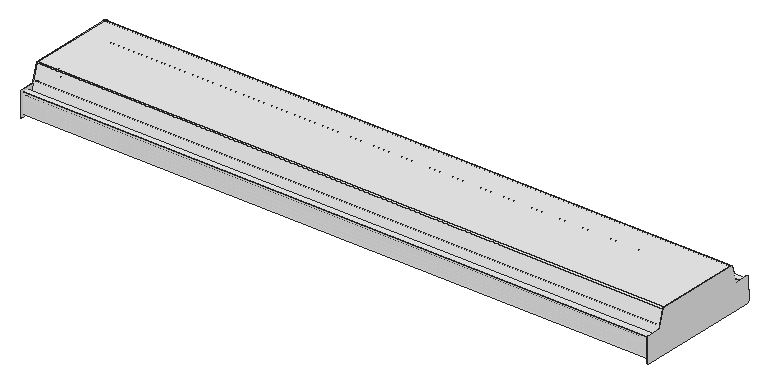
Revit family "LMNE-VL", category Lighting Fixtures, host Ceiling, Revit 2019
Family settings
  Host = Ceiling
  Round Connector Dimension = Use Diameter
  Part Type = Normal
  OmniClass Number = 23.80.70.11.14
  OmniClass Title = General Luminaries, Directional
  Always vertical = Yes
  Cut with Voids When Loaded = No
  Light Source = Yes
  Shared = No
  Room Calculation Point = No
Parameters (values of type "LMNE-VL48-LED840K052LUNV")
  Width = 0' - 9 1/4"
  Wattage = 42 W
  built-in parameter 1150110 = 1 (stored number, unit not read)
  Voltage = 120 V
  URL = "https://www.viscor.com/en/products/lmne-vl"
  built-in parameter 1114217 = 0.9 (stored number, unit not read)
  Tilt Angle = 90.00°
  built-in parameter 1150109 = 1 (stored number, unit not read)
  built-in parameter 1150134 = 12
  built-in parameter 1150113 = 1 (stored number, unit not read)
  Photometric Web File = "LMNE-VL48-LED840K052LUNV-G001919.IES"
  Model = "LMNE"  # constant formula
  Manufacturer = "VISIONEERING by VISCOR"  # constant formula
  Lumens = 5334 lm
  built-in parameter 1150115 = 1 (stored number, unit not read)
  built-in parameter 1150105 = 424.47 (stored number, unit not read)
  built-in parameter 1150137 = (empty or 0)
  built-in parameter 1150139 = (empty or 0)
  Lens Finish = Polycarbonate - Viscor - Frosted Round
  Length = 3' - 10 1/8"
  Lamp Wattage = 42 VA
  built-in parameter 1150112 = 1 (stored number, unit not read)
  built-in parameter 1150114 = 1 (stored number, unit not read)
  Lamp = "LED"  # constant formula
  built-in parameter 1150132 = (empty or 0)
  built-in parameter 1150102 = (empty or 0)
  built-in parameter 1150138 = (empty or 0)
  built-in parameter 1150107 = 4000 (stored number, unit not read)
  built-in parameter 1150106 = 4.2447 (stored number, unit not read)
  Housing Finish = Metal - Viscor - White
  Emit from Line Length = Length  # 3' - 10 1/8"
  built-in parameter 1150104 = 11.799 (stored number, unit not read)
  Dimming Lamp Color Temperature Shift = <None>
  Description = "LED Magic Neutron VL"  # constant formula
  Color Filter = 16777215
  built-in parameter 1114218 = 1 (stored number, unit not read)
  built-in parameter 1150133 = 10 (stored number, unit not read)
  Assembly Code = "D5020200"
  Apparent Load = Lamp Wattage  # 42 VA
Types (7): name | Wattage | Photometric Web File | Lumens | built-in parameter 1150105 | Length | Lamp Wattage | built-in parameter 1150106 | Emit from Line Length | built-in parameter 1150104 | Apparent Load
  (no name) | 42 W | "LMNE-VL48-LED840K052LUNV-G001919.IES" | 5334 lm | 424.47 (stored number, unit not read) | 3' - 10 1/8" | 42 VA | 4.2447 (stored number, unit not read) | 3' - 10 1/8" | 11.799 (stored number, unit not read) | 42 VA
  LMNE-VL24-LED840K028LUNV | 20 W | "LMNE-VL24-LED840K028LUNV.IES" | 2760 lm | 219.63 (stored number, unit not read) | 1' - 11 3/8" | 20 VA | 2.1963 (stored number, unit not read) | 1' - 11 3/8" | 12.821 (stored number, unit not read) | 20 VA
  LMNE-VL48-LED840K028LUNV | 20 W | "LMNE-VL48-LED840K028LUNV-G001930.IES" | 2760 lm | 219.63 (stored number, unit not read) | 3' - 10 1/8" | 20 VA | 2.1963 (stored number, unit not read) | 3' - 10 1/8" | 12.821 (stored number, unit not read) | 20 VA
  LMNE-VL24-LED840K037LUNV | 28 W | "LMNE-VL24-LED840K037LUNV.IES" | 3752 lm | 298.57 (stored number, unit not read) | 1' - 11 3/8" | 28 VA | 2.9857 (stored number, unit not read) | 1' - 11 3/8" | 12.449 (stored number, unit not read) | 28 VA
  LMNE-VL48-LED840K037LUNV | 28 W | "LMNE-VL48-LED840K037LUNV-G001916.IES" | 3752 lm | 298.57 (stored number, unit not read) | 3' - 10 1/8" | 28 VA | 2.9857 (stored number, unit not read) | 3' - 10 1/8" | 12.449 (stored number, unit not read) | 28 VA
  LMNE-VL48-LED840K045LUNV | 33 W | "LMNE-VL48-LED840K045LUNV-G001920.IES" | 4620 lm | 367.65 (stored number, unit not read) | 3' - 10 1/8" | 33 VA | 3.6765 (stored number, unit not read) | 3' - 10 1/8" | 13.006 (stored number, unit not read) | 33 VA
  LMNE-VL48-LED840K052LUNV | 42 W | "LMNE-VL48-LED840K052LUNV-G001919.IES" | 5334 lm | 424.47 (stored number, unit not read) | 3' - 10 1/8" | 42 VA | 4.2447 (stored number, unit not read) | 3' - 10 1/8" | 11.799 (stored number, unit not read) | 42 VA
Reference planes (in)
  plane 1 "Light Source Axis (F/B)": y = 0
  plane 2 "Ceiling": z = 96
  plane 3 "Light Source Axis (L/R)": x = 0
  plane 4 "Light Source Elevation": z = 92.75
  plane 5: y = 4.625
  plane 6: y = -4.625
  plane 7: x = -23.0625
  plane 8: x = 23.0625
  plane 9: x = -23.03125
  plane 10: x = 23.03125
  plane 11: x = -22.96875
  plane 12: x = 22.96875
Forms (in)
  Extrusion 1, solid, material "Metal - Viscor - White" <- "Housing Finish"
    sketch origin (0, 0, 0) x (0, 1, 0) y (0, 0, 1)
      loop
        arc (-3.09236, 95.875) -> (-3.134, 95.86127) -> (-3.1593, 95.82547) r 0.07
        line (-3.1593, 95.82547) -> (-3.67075, 94.1526)
        arc (-3.67075, 94.1526) -> (-3.68485, 94.13265) -> (-3.70805, 94.125) r 0.039
        line (-3.70805, 94.125) -> (-4.13882, 94.125)
        arc (-4.13882, 94.125) -> (-4.16202, 94.13265) -> (-4.17611, 94.1526) r 0.039
        line (-4.17611, 94.1526) -> (-4.2516, 94.39952) -> (-4.28149, 94.39038) -> (-4.206, 94.14346)
        arc (-4.206, 94.14346) -> (-4.1806, 94.10753) -> (-4.13882, 94.09375) r 0.07025
        line (-4.13882, 94.09375) -> (-3.70805, 94.09375)
        arc (-3.70805, 94.09375) -> (-3.66626, 94.10753) -> (-3.64087, 94.14346) r 0.07025
        line (-3.64087, 94.14346) -> (-3.12942, 95.81633)
        arc (-3.12942, 95.81633) -> (-3.11541, 95.83615) -> (-3.09236, 95.84375) r 0.03875
        line (-3.09236, 95.84375) -> (3.09236, 95.84375)
        arc (3.09236, 95.84375) -> (3.11541, 95.83615) -> (3.12942, 95.81633) r 0.03875
        line (3.12942, 95.81633) -> (3.64087, 94.14346)
        arc (3.64087, 94.14346) -> (3.66626, 94.10753) -> (3.70805, 94.09375) r 0.07025
        line (3.70805, 94.09375) -> (4.13882, 94.09375)
        arc (4.13882, 94.09375) -> (4.1806, 94.10753) -> (4.206, 94.14346) r 0.07025
        line (4.206, 94.14346) -> (4.28149, 94.39038) -> (4.2516, 94.39952) -> (4.17611, 94.1526)
        arc (4.17611, 94.1526) -> (4.16202, 94.13265) -> (4.13882, 94.125) r 0.039
        line (4.13882, 94.125) -> (3.70805, 94.125)
        arc (3.70805, 94.125) -> (3.68485, 94.13265) -> (3.67075, 94.1526) r 0.039
        line (3.67075, 94.1526) -> (3.1593, 95.82547)
        arc (3.1593, 95.82547) -> (3.134, 95.86127) -> (3.09236, 95.875) r 0.07
        line (3.09236, 95.875) -> (-3.09236, 95.875)
    from -23.03125 to 23.03125
  Extrusion 2, solid, material "Metal - Viscor - White" <- "Housing Finish"
    sketch origin (0, 0, 0) x (0, 1, 0) y (0, 0, 1)
      loop
        line (4.62552, 92.92225) -> (4.62552, 94.48475)
        arc (4.62552, 94.48475) -> (4.58891, 94.57314) -> (4.50052, 94.60975) r 0.125
        line (4.50052, 94.60975) -> (3.49603, 94.60975) -> (3.46895, 94.69831)
        arc (3.46895, 94.69831) -> (3.47245, 94.71664) -> (3.48954, 94.72411) r 0.02
        line (3.48954, 94.72411) -> (3.1485, 95.83962)
        arc (3.1485, 95.83962) -> (3.13042, 95.86519) -> (3.10068, 95.875) r 0.05
        line (3.10068, 95.875) -> (-3.10014, 95.875)
        arc (-3.10014, 95.875) -> (-3.12988, 95.86519) -> (-3.14795, 95.83962) r 0.05
        line (-3.14795, 95.83962) -> (-3.489, 94.72411)
        arc (-3.489, 94.72411) -> (-3.4719, 94.71664) -> (-3.46841, 94.69831) r 0.02
        line (-3.46841, 94.69831) -> (-3.49548, 94.60975) -> (-4.49998, 94.60975)
        arc (-4.49998, 94.60975) -> (-4.58837, 94.57314) -> (-4.62525, 94.48475) r 0.125
        line (-4.62525, 94.48475) -> (-4.62498, 92.92225)
        arc (-4.62498, 92.92225) -> (-4.58837, 92.83387) -> (-4.49998, 92.79725) r 0.125
        line (-4.49998, 92.79725) -> (4.50052, 92.79725)
        arc (4.50052, 92.79725) -> (4.58891, 92.83387) -> (4.62552, 92.92225) r 0.125
    from 23.03125 to 23.0625
  Extrusion 3, solid, material "Metal - Viscor - White" <- "Housing Finish"
    sketch origin (0, 0, 0) x (0, 1, 0) y (0, 0, -1)
      loop
        arc (4.62552, -92.92225) -> (4.58891, -92.83387) -> (4.50052, -92.79725) r 0.125
        line (4.50052, -92.79725) -> (-4.49998, -92.79725)
        arc (-4.49998, -92.79725) -> (-4.58837, -92.83387) -> (-4.62498, -92.92225) r 0.125
        line (-4.62498, -92.92225) -> (-4.62525, -94.48475)
        arc (-4.62525, -94.48475) -> (-4.58837, -94.57314) -> (-4.49998, -94.60975) r 0.125
        line (-4.49998, -94.60975) -> (-3.49548, -94.60975) -> (-3.46841, -94.69831)
        arc (-3.46841, -94.69831) -> (-3.4719, -94.71664) -> (-3.489, -94.72411) r 0.02
        line (-3.489, -94.72411) -> (-3.14795, -95.83962)
        arc (-3.14795, -95.83962) -> (-3.12988, -95.86519) -> (-3.10014, -95.875) r 0.05
        line (-3.10014, -95.875) -> (3.10068, -95.875)
        arc (3.10068, -95.875) -> (3.13042, -95.86519) -> (3.1485, -95.83962) r 0.05
        line (3.1485, -95.83962) -> (3.48954, -94.72411)
        arc (3.48954, -94.72411) -> (3.47245, -94.71664) -> (3.46895, -94.69831) r 0.02
        line (3.46895, -94.69831) -> (3.49603, -94.60975) -> (4.50052, -94.60975)
        arc (4.50052, -94.60975) -> (4.58891, -94.57314) -> (4.62552, -94.48475) r 0.125
        line (4.62552, -94.48475) -> (4.62552, -92.92225)
    from 23.03125 to 23.0625
  Extrusion 4, solid, material "Metal - Viscor - White" <- "Housing Finish"
    sketch origin (0, 0, 0) x (0, 1, 0) y (0, 0, 1)
      loop
        line (3.35492, 94.77604) -> (3.12193, 95.53814) -> (3.09204, 95.529) -> (3.32504, 94.76691)
        arc (3.32504, 94.76691) -> (3.32066, 94.7414) -> (3.29754, 94.72975) r 0.02875
        line (3.29754, 94.72975) -> (1.4194, 94.72975)
        arc (1.4194, 94.72975) -> (1.37761, 94.71597) -> (1.35222, 94.68004) r 0.07025
        line (1.35222, 94.68004) -> (1.17262, 94.09259)
        arc (1.17262, 94.09259) -> (1.16222, 94.07789) -> (1.14512, 94.07225) r 0.02875
        line (1.14512, 94.07225) -> (-1.14512, 94.07225)
        arc (-1.14512, 94.07225) -> (-1.16222, 94.07789) -> (-1.17262, 94.09259) r 0.02875
        line (-1.17262, 94.09259) -> (-1.35222, 94.68004)
        arc (-1.35222, 94.68004) -> (-1.37761, 94.71597) -> (-1.4194, 94.72975) r 0.07025
        line (-1.4194, 94.72975) -> (-3.29754, 94.72975)
        arc (-3.29754, 94.72975) -> (-3.32066, 94.7414) -> (-3.32504, 94.7669) r 0.02875
        line (-3.32504, 94.7669) -> (-3.09204, 95.529) -> (-3.12193, 95.53814) -> (-3.35492, 94.77604)
        arc (-3.35492, 94.77604) -> (-3.34578, 94.72281) -> (-3.29754, 94.6985) r 0.06
        line (-3.29754, 94.6985) -> (-1.4194, 94.6985)
        arc (-1.4194, 94.6985) -> (-1.3962, 94.69085) -> (-1.3821, 94.6709) r 0.039
        line (-1.3821, 94.6709) -> (-1.2025, 94.08346)
        arc (-1.2025, 94.08346) -> (-1.18081, 94.05277) -> (-1.14512, 94.041) r 0.06
        line (-1.14512, 94.041) -> (1.14512, 94.041)
        arc (1.14512, 94.041) -> (1.18081, 94.05277) -> (1.2025, 94.08346) r 0.06
        line (1.2025, 94.08346) -> (1.3821, 94.6709)
        arc (1.3821, 94.6709) -> (1.3962, 94.69085) -> (1.4194, 94.6985) r 0.039
        line (1.4194, 94.6985) -> (3.29754, 94.6985)
        arc (3.29754, 94.6985) -> (3.34578, 94.72281) -> (3.35492, 94.77604) r 0.06
    from -22.96875 to 22.96875
  Extrusion 5, solid, material "Polycarbonate - Viscor - Frosted Round" <- "Lens Finish"
    sketch origin (0, 0, 0) x (0, 1, 0) y (0, 0, 1)
      loop
        line (4.02375, 94.4144) -> (4.39375, 94.4144) -> (4.39375, 94.2894) -> (4.43375, 94.1994) -> (4.39375, 94.1994) -> (4.43375, 94.1094) -> (4.39375, 94.1094) -> (4.43375, 94.0194) -> (4.39375, 94.0194) -> (4.43375, 93.9294) -> (4.39375, 93.9294) -> (4.43375, 93.8394) -> (4.39375, 93.8394) -> (4.43375, 93.7494) -> (4.39375, 93.7494) -> (4.43375, 93.6594) -> (4.39375, 93.6594) -> (4.43375, 93.5694) -> (4.39375, 93.5694) -> (4.43375, 93.4794) -> (4.39375, 93.4794) -> (4.43375, 93.3894) -> (4.39375, 93.3894) -> (4.43375, 93.2994) -> (4.39375, 93.2994) -> (4.43375, 93.2094) -> (4.39375, 93.2094) -> (4.43375, 93.1194) -> (4.39375, 93.1194) -> (4.39375, 93.0794) -> (-4.39375, 93.0794) -> (-4.39375, 93.1194) -> (-4.43375, 93.1194) -> (-4.39375, 93.2094) -> (-4.43375, 93.2094) -> (-4.39375, 93.2994) -> (-4.43375, 93.2994) -> (-4.39375, 93.3894) -> (-4.43375, 93.3894) -> (-4.39375, 93.4794) -> (-4.43375, 93.4794) -> (-4.39375, 93.5694) -> (-4.43375, 93.5694) -> (-4.39375, 93.6594) -> (-4.43375, 93.6594) -> (-4.39375, 93.7494) -> (-4.43375, 93.7494) -> (-4.39375, 93.8394) -> (-4.43375, 93.8394) -> (-4.39375, 93.9294) -> (-4.43375, 93.9294) -> (-4.39375, 94.0194) -> (-4.43375, 94.0194) -> (-4.39375, 94.1094) -> (-4.43375, 94.1094) -> (-4.39375, 94.1994) -> (-4.43375, 94.1994) -> (-4.39375, 94.2894) -> (-4.39375, 94.4144) -> (-4.02375, 94.4144) -> (-4.02375, 94.2394) -> (-3.96875, 94.2394) -> (-3.96875, 94.4894) -> (-4.46875, 94.4894) -> (-4.46875, 92.9894) -> (4.46875, 92.9894) -> (4.46875, 94.4894) -> (3.96875, 94.4894) -> (3.96875, 94.2394) -> (4.02375, 94.2394) -> (4.02375, 94.4144)
    from -23.03125 to 23.03125
Dimensions and locks (in)
  equal spacing: host sketch curve, plane 3 "Light Source Axis (L/R)", host sketch curve
  equal spacing: host sketch curve, plane 1 "Light Source Axis (F/B)", host sketch curve
  host sketch curve to host sketch curve = 10' - 0"  (x2)
  equal spacing: plane 5, plane 1 "Light Source Axis (F/B)", plane 6
  "Width": plane 5 to plane 6
  equal spacing: plane 7, plane 3 "Light Source Axis (L/R)", plane 8
  "Length": plane 7 to plane 8
  plane 7 to plane 9 to plane 3 "Light Source Axis (L/R)" = 0' - 0 1/32" locked, 1' - 11 1/32"
  locked: plane 10 to plane 8 at 0.03125
  locked: plane 7 to plane 11 at 0.09375
  locked: plane 12 to plane 8 at 0.09375
  aligned and locked: plane 3 "Light Source Axis (L/R)" to imposter light
  aligned and locked: plane 1 "Light Source Axis (F/B)" to imposter light
  aligned and locked: plane 4 "Light Source Elevation" to imposter light
  aligned and locked: Extrusion 1 to plane 9
  aligned and locked: plane 10 to Extrusion 1
  aligned and locked: plane 8 to Extrusion 2
  aligned and locked: Extrusion 2 to plane 10
  aligned and locked: Extrusion 3 to plane 7
  aligned and locked: plane 9 to Extrusion 3
  aligned and locked: Extrusion 4 to plane 11
  aligned and locked: plane 12 to Extrusion 4
  aligned and locked: Extrusion 5 to plane 9
  aligned and locked: plane 10 to Extrusion 5
Automatic sketch dimensions
  Extrusion 1 sketch curve to Extrusion 1 sketch curve = 0' - 0"  (x12)
  plane 6 to Extrusion 1 sketch curve = 0' - 0.34351"
  Extrusion 1 sketch curve to Extrusion 1 sketch curve = 0' - 0.02988"  (x7)
  Extrusion 1 sketch curve to Extrusion 1 sketch curve = 0' - 0.07549"  (x2)
  Extrusion 1 sketch curve to Extrusion 1 sketch curve = 0' - 0.0373"  (x4)
  Extrusion 1 sketch curve to Extrusion 1 sketch curve = 0' - 0.43077"  (x2)
  Extrusion 1 sketch curve to plane 2 "Ceiling" = 0' - 0.17453"  (x2)
  plane 6 to Extrusion 1 sketch curve = 0' - 1.4657"
  Extrusion 1 sketch curve to plane 2 "Ceiling" = 0' - 0.18367"  (x2)
  Extrusion 1 sketch curve to Extrusion 1 sketch curve = 0' - 0.03706"  (x2)
  Extrusion 1 sketch curve to plane 2 "Ceiling" = 0' - 0.195"
  Extrusion 1 sketch curve to plane 5 = 0' - 1.53264"
  Extrusion 1 sketch curve to plane 5 = 0' - 0.98413"
  Extrusion 1 sketch curve to plane 2 "Ceiling" = 0' - 1.60048"  (x2)
  Extrusion 1 sketch curve to Extrusion 1 sketch curve = 0' - 0.00914"  (x2)
  Extrusion 1 sketch curve to Extrusion 1 sketch curve = 0' - 0.0114"  (x3)
  Extrusion 1 sketch curve to Extrusion 1 sketch curve = 0' - 0.039"
  plane 6 to Extrusion 2 sketch curve = 0' - 0.12502"  (x2)
  Extrusion 2 sketch curve to Extrusion 2 sketch curve = 0' - 1.0045"
  Extrusion 2 sketch curve to Extrusion 2 sketch curve = 0' - 0.00648"
  Extrusion 2 sketch curve to Extrusion 2 sketch curve = 0' - 0.00146"  (x2)
  Extrusion 2 sketch curve to Extrusion 2 sketch curve = 0' - 0.01913"  (x2)
  Extrusion 2 sketch curve to plane 2 "Ceiling" = 0' - 0.16038"  (x2)
  Extrusion 2 sketch curve to Extrusion 2 sketch curve = 0' - 0.34105"
  Extrusion 2 sketch curve to Extrusion 2 sketch curve = 0' - 0.04782"  (x2)
  Extrusion 2 sketch curve to plane 2 "Ceiling" = 0' - 0 1/8"
  Extrusion 2 sketch curve to plane 5 = 0' - 1.52432"
  Extrusion 2 sketch curve to plane 5 = 0' - 1.15605"
  Extrusion 2 sketch curve to Extrusion 2 sketch curve = 0' - 0.02708"
  Extrusion 2 sketch curve to plane 5 = 0' - 0.12448"  (x2)
  Extrusion 2 sketch curve to plane 4 "Light Source Elevation" = 0' - 0.04725"
  plane 5 to Extrusion 2 sketch curve = 0' - 0.00052"
  Extrusion 2 sketch curve to Extrusion 2 sketch curve = 0' - 0 1/8"  (x2)
  Extrusion 2 sketch curve to plane 2 "Ceiling" = 0' - 1.51525"  (x2)
  Extrusion 2 sketch curve to Extrusion 2 sketch curve = 0' - 0.08856"  (x2)
  Extrusion 2 sketch curve to Extrusion 2 sketch curve = 0' - 0.00585"  (x2)
  Extrusion 2 sketch curve to plane 6 = 0' - 0.00025"
  Extrusion 2 sketch curve to Extrusion 2 sketch curve = 0' - 0"  (x2)
  plane 6 to Extrusion 3 sketch curve = 0' - 0.12502"  (x2)
  Extrusion 3 sketch curve to Extrusion 3 sketch curve = 0' - 1.0045"
  Extrusion 3 sketch curve to Extrusion 3 sketch curve = 0' - 0.00648"
  Extrusion 3 sketch curve to Extrusion 3 sketch curve = 0' - 0.00146"  (x2)
  Extrusion 3 sketch curve to Extrusion 3 sketch curve = 0' - 0.01913"  (x2)
  Extrusion 3 sketch curve to plane 2 "Ceiling" = 0' - 0.16038"  (x2)
  Extrusion 3 sketch curve to Extrusion 3 sketch curve = 0' - 0.34105"
  Extrusion 3 sketch curve to Extrusion 3 sketch curve = 0' - 0.04782"  (x2)
  Extrusion 3 sketch curve to plane 2 "Ceiling" = 0' - 0 1/8"
  Extrusion 3 sketch curve to plane 5 = 0' - 1.52432"
  Extrusion 3 sketch curve to plane 5 = 0' - 1.15605"
  Extrusion 3 sketch curve to Extrusion 3 sketch curve = 0' - 0.02708"
  Extrusion 3 sketch curve to plane 5 = 0' - 0.12448"  (x2)
  Extrusion 3 sketch curve to plane 4 "Light Source Elevation" = 0' - 0.04725"
  plane 5 to Extrusion 3 sketch curve = 0' - 0.00052"
  Extrusion 3 sketch curve to Extrusion 3 sketch curve = 0' - 1.11551"  (x2)
  Extrusion 3 sketch curve to Extrusion 3 sketch curve = 0' - 0.01995"  (x2)
  Extrusion 3 sketch curve to Extrusion 3 sketch curve = 0' - 0.08856"  (x2)
  Extrusion 3 sketch curve to Extrusion 3 sketch curve = 0' - 0 1/8"  (x2)
  Extrusion 3 sketch curve to plane 6 = 0' - 0.00025"
  Extrusion 3 sketch curve to Extrusion 3 sketch curve = 0' - 0"  (x2)
  Extrusion 4 sketch curve to Extrusion 4 sketch curve = 0' - 0"  (x12)
  plane 6 to Extrusion 4 sketch curve = 0' - 1.27008"
  Extrusion 4 sketch curve to Extrusion 4 sketch curve = 0' - 0.02988"  (x7)
  Extrusion 4 sketch curve to Extrusion 4 sketch curve = 0' - 0.02749"  (x3)
  plane 1 "Light Source Axis (F/B)" to Extrusion 4 sketch curve = 0' - 1.4194"
  Extrusion 4 sketch curve to Extrusion 4 sketch curve = 0' - 0.0373"  (x2)
  Extrusion 4 sketch curve to Extrusion 4 sketch curve = 0' - 0.1796"  (x2)
  Extrusion 4 sketch curve to plane 1 "Light Source Axis (F/B)" = 0' - 1.14512"
  Extrusion 4 sketch curve to plane 2 "Ceiling" = 0' - 0.471"
  Extrusion 4 sketch curve to plane 5 = 0' - 1.53296"
  Extrusion 4 sketch curve to plane 2 "Ceiling" = 0' - 0.46186"  (x2)
  Extrusion 4 sketch curve to Extrusion 4 sketch curve = 0' - 0.2055"
  Extrusion 4 sketch curve to plane 2 "Ceiling" = 0' - 1.23309"
  Extrusion 4 sketch curve to plane 2 "Ceiling" = 0' - 1.22396"
  Extrusion 4 sketch curve to Extrusion 4 sketch curve = 0' - 0.00841"  (x2)
  Extrusion 4 sketch curve to Extrusion 4 sketch curve = 0' - 0.02875"
  Extrusion 4 sketch curve to Extrusion 4 sketch curve = 0' - 0 1/32"
  Extrusion 4 sketch curve to Extrusion 4 sketch curve = 0' - 0.01846"  (x2)
  Extrusion 4 sketch curve to Extrusion 4 sketch curve = 0' - 0.57904"  (x2)
  Extrusion 4 sketch curve to Extrusion 4 sketch curve = 0' - 0.00914"
  Extrusion 4 sketch curve to Extrusion 4 sketch curve = 0' - 0.233"
  Extrusion 5 sketch curve to plane 5 = 0' - 0.60125"
  Extrusion 5 sketch curve to plane 4 "Light Source Elevation" = 0' - 1.4894"
  Extrusion 5 sketch curve to Extrusion 5 sketch curve = 0' - 0.055"  (x2)
  Extrusion 5 sketch curve to Extrusion 5 sketch curve = 0' - 0.175"
  Extrusion 5 sketch curve to Extrusion 5 sketch curve = 0' - 0.075"  (x5)
  Extrusion 5 sketch curve to plane 5 = 0' - 0 5/32"
  Extrusion 5 sketch curve to Extrusion 5 sketch curve = 0' - 0 1/8"  (x2)
  Extrusion 5 sketch curve to plane 4 "Light Source Elevation" = 0' - 0.2394"
  plane 6 to Extrusion 5 sketch curve = 0' - 0 5/32"
  Extrusion 5 sketch curve to Extrusion 5 sketch curve = 0' - 1 1/2"
  Extrusion 5 sketch curve to Extrusion 5 sketch curve = 0' - 0 1/2"
  Extrusion 5 sketch curve to Extrusion 5 sketch curve = 0' - 0 1/4"
  Extrusion 5 sketch curve to Extrusion 5 sketch curve = 0' - 0.04"  (x29)
  Extrusion 5 sketch curve to Extrusion 5 sketch curve = 0' - 0.09"  (x25)
  Extrusion 5 sketch curve to Extrusion 5 sketch curve = 0' - 0"  (x24)
Connectors (in)
  electrical at (0, 0, 92.75), driven by "Voltage", driven by "Apparent Load"
    settings: index 1, voltage 120 V, apparent load 0 VA, apparent load phase1 42 VA, apparent load phase2 0 VA, apparent load phase3 0 VA, power factor 1, load classification "Other", number of poles 1, system type 31, power factor state 1, is connector primary yes, connector utility no, sub classification motor no, connector description ""
